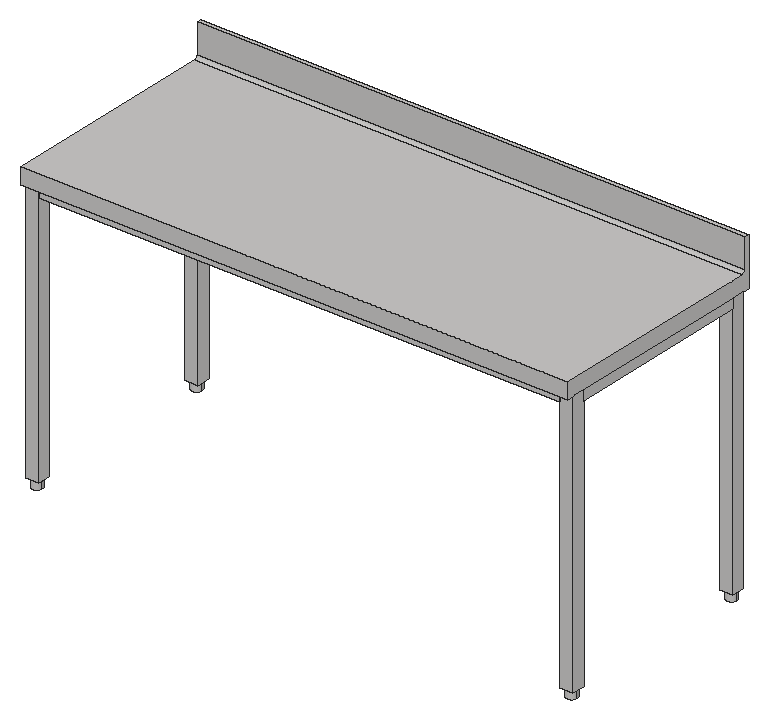
Revit family "QF_ELECTROLUXPROFESSIONAL_134018_GTG1710E", category Attrezzature speciali, Revit 2020
Family settings
  Quota connettore circolare = Usa diametro
  Tipo di parte = Normale
  Basato su piano di lavoro = No
  Sempre verticale = Sì
  Taglio con vuoti quando caricato = No
  Condiviso = No
  Punto di calcolo locali = No
Parameters (values of type "Standard")
  Weight = 49.80 kg
  Watts = 0 W
  Volts = 0 V
  URL Manufacturer = "https://www.electroluxprofessional.com/"
  URL = "https://www.electroluxprofessional.com/"
  Steam Supply Size = 0 mm
  Steam Supply Minimum Pressure = 0.0 Pa
  Steam Supply Maximum Pressure = 0.0 Pa
  Steam Consumption per Hour = 0
  Refrigeration Suction Line Size = 0.0 mm
  Refrigeration Liquid Line Size = 0.0 mm
  Refrigerant Compressor Remote = yes
  Prospetto di default = 0.0 mm
  Produttore = "Electrolux Professional"
  Phase = 0
  Modello = "GTG1710E"
  Length Actual = 1700.0 mm  # constant formula
  Item Number = "134018"
  Hot Water Size = 0 mm
  Height Actual = 1000.0 mm  # constant formula
  HP = "0 HP"
  Gas Size = 0 mm
  Gas KW = 0
  Gas Input Pressure = 0 W
  Direct Waste Size = 0 mm
  Descrizione = "WORK TABLE WITH UPSTAND 1700 MM"
  Depth Actual = 700.0 mm  # constant formula
  Cycle = 0 Hz
  Condensate Return Size = 0 mm
  Compressed Air Volume = 0.0 L/s
  Compressed Air Size = 0 mm
  Compressed Air Pressure = 0.0 Pa
  Cold Water Size = 0 mm
  Accessory = yes
Reference planes
  plane 1 "Center (Front/Back)": y = 0
  plane 2: z = 0
  plane 3 "Center (Left/Right)": x = -350
  plane 4 "LEFT": x = -1200
  plane 5 "RIGHT": x = 500
  plane 6 "BACK": y = 350
  plane 7 "FRONT": y = -350
  plane 8 "Base": z = 850
  plane 9 "TOP": z = 900
  plane 10: x = -1180
  plane 11: x = 480
  plane 12: y = 310
  plane 13: y = -310
  plane 14 "TRAVERSI": z = 820
  plane 15: x = -1160
  plane 16: x = 460
  plane 17: y = 290
  plane 18: y = -290
  plane 19: y = 330
  plane 20: y = -330
Forms (mm)
  Extrusion 1, solid, material "QF_Finishes_Stainless Steel"
    sketch origin (-350, 0, 0) x (0, 1, 0) y (0, 0, 1)
      loop
        line (-350, 850) -> (350, 850) -> (350, 1000) -> (337, 1000) -> (337, 910)
        arc (337, 910) -> (334.071, 902.929) -> (327, 900) r 10
        line (327, 900) -> (-350, 900) -> (-350, 850)
    from 850 to -850
  Extrusion 2, solid, material "QF_Finishes_Stainless Steel"
    sketch origin (0, 0, 820) x (0, 1, 0) y (-1, 0, 0)
      loop
        line (290, -460) -> (-290, -460) -> (-290, -500) -> (290, -500) -> (290, -460)
      loop
        line (290, 1200) -> (-290, 1200) -> (-290, 1160) -> (290, 1160) -> (290, 1200)
    from 0 to 30
  Extrusion 3, solid, material "QF_Finishes_Stainless Steel"
    sketch origin (0, 0, 820) x (0, 1, 0) y (-1, 0, 0)
      loop
        line (330, -460) -> (330, 1160) -> (290, 1160) -> (290, -460) -> (330, -460)
      loop
        line (-290, 1160) -> (-330, 1160) -> (-330, -460) -> (-290, -460) -> (-290, 1160)
    from 0 to 30
Lines and regions (mm)
  symbolic lines
    curve 1: line (500, 350, 900) -> (-1200, 350, 900)
    curve 2: line (-1200, 350, 900) -> (-1200, -350, 900)
    curve 3: line (-1200, -350, 900) -> (500, -350, 900)
    curve 4: line (500, -350, 900) -> (500, 350, 900)
    curve 5: line (-1200, 337, 820) -> (500, 337, 820)
Dimensions and locks
  plane 4 "LEFT" to plane 5 "RIGHT" = 1700.0 mm
  equal spacing: plane 4 "LEFT", plane 3 "Center (Left/Right)", plane 5 "RIGHT"
  plane 4 "LEFT" to plane 10 = 20.0 mm
  plane 11 to plane 5 "RIGHT" = 20.0 mm
  plane 10 to plane 11 = 1660.0 mm
  plane 6 "BACK" to plane 12 = 40.0 mm
  plane 13 to plane 7 "FRONT" = 40.0 mm
  plane 6 "BACK" to plane 7 "FRONT" = 700.0 mm
  plane 12 to plane 13 = 620.0 mm
  equal spacing: plane 6 "BACK", plane 1 "Center (Front/Back)", plane 7 "FRONT"
  plane 8 "Base" to plane 14 "TRAVERSI" = 30.0 mm
  locked: plane 10 to plane 15 at 20
  locked: plane 16 to plane 11 at 20
  locked: plane 19 to plane 12 at 20
  locked: plane 12 to plane 17 at 20
  locked: plane 18 to plane 13 at 20
  locked: plane 13 to plane 20 at 20
  locked: plane 8 "Base" to level at 850
  locked: Extrusion 1 to level at 1000
  aligned and locked: level to plane 2
  aligned and locked: plane 10 to nested 1
  aligned and locked: nested 1 to plane 13
  aligned and locked: plane 11 to nested 2
  aligned and locked: nested 2 to plane 13
  aligned and locked: plane 11 to nested 4
  aligned and locked: nested 4 to plane 12
  aligned and locked: plane 10 to nested 3
  aligned and locked: nested 3 to plane 12
  aligned and locked: Extrusion 1 to plane 4 "LEFT"
  aligned and locked: plane 5 "RIGHT" to Extrusion 1
  aligned and locked: curve 2 to plane 4 "LEFT"
  aligned and locked: Extrusion 2 sketch curve to plane 5 "RIGHT"
  aligned and locked: Extrusion 2 sketch curve to plane 17  (x2)
  aligned and locked: plane 16 to Extrusion 2 sketch curve
  aligned and locked: plane 18 to Extrusion 2 sketch curve  (x2)
  aligned and locked: plane 4 "LEFT" to Extrusion 2 sketch curve
  aligned and locked: Extrusion 2 sketch curve to plane 15
  aligned and locked: plane 19 to Extrusion 3 sketch curve
  aligned and locked: Extrusion 3 sketch curve to plane 17
  aligned and locked: Extrusion 3 sketch curve to plane 18
  aligned and locked: plane 20 to Extrusion 3 sketch curve
  aligned and locked: Extrusion 3 sketch curve to plane 15
  aligned and locked: plane 15 to Extrusion 3 sketch curve
  aligned and locked: plane 16 to Extrusion 3 sketch curve
  aligned and locked: Extrusion 3 sketch curve to plane 16
  aligned and locked: curve 5 to Extrusion 1
Automatic sketch dimensions
  curve 3 to plane 7 "FRONT" = 0.0 mm
  curve 4 to plane 6 "BACK" = 0.0 mm
  curve 4 to plane 5 "RIGHT" = 0.0 mm
  Extrusion 1 sketch curve to plane 7 "FRONT" = 0.0 mm
  Extrusion 1 sketch curve to plane 9 "TOP" = 0.0 mm
  Extrusion 1 sketch curve to plane 6 "BACK" = 0.0 mm
  Extrusion 1 sketch curve to plane 8 "Base" = 0.0 mm
  Extrusion 1 sketch curve to plane 19 = 3.0 mm
  plane 19 to Extrusion 1 sketch curve = 7.0 mm
  Extrusion 1 sketch curve to Extrusion 1 sketch curve = 90.0 mm
  curve 5 to plane 5 "RIGHT" = 0.0 mm
  curve 5 to plane 4 "LEFT" = 0.0 mm
Nested families
  nested 1: "FEET_40x40_R" at (-1180, -310, 0), type "FEET_40x40_R"
  nested 2: "FEET_40x40_R" at (480, -310, 0), type "FEET_40x40_R"
  nested 3: "FEET_40x40_R" at (-1180, 310, 0), type "FEET_40x40_R"
  nested 4: "FEET_40x40_R" at (480, 310, 0), type "FEET_40x40_R"
Definition of nested family "FEET_40x40_R"
  Parameters
    Default Elevation = 0.0 mm
    FEET = 850.0 mm
  Reference planes
    plane 1 "Center (Front/Back)": y = 0
    plane 2: z = 0
    plane 3 "Center (Left/Right)": x = 0
    plane 4: z = 850
  Forms (mm)
    Extrusion 1, solid
      sketch origin (0, 0, 0) x (1, 0, 0) y (0, 1, 0)
        loop
          line (-20, -20) -> (20, -20) -> (20, 20) -> (-20, 20) -> (-20, -20)
      from 25 to 850
    Extrusion 2, solid
      sketch origin (0, 0, 0) x (1, 0, 0) y (0, 1, 0)
        loop
          circle (0, 0) r 16
      from 0 to 25
  Lines and regions (mm)
    symbolic lines
      curve 1: line (0, -1.503, 0) -> (0, 1.508, 0)
      curve 2: line (1.561, 0, 0) -> (-1.439, 0, 0)
  Dimensions and locks
    "FEET": plane 4 to plane 2
    aligned and locked: level to plane 2
  Automatic sketch dimensions
    Extrusion 1 sketch curve to plane 3 "Center (Left/Right)" = 20.0 mm
    plane 3 "Center (Left/Right)" to Extrusion 1 sketch curve = 20.0 mm
    plane 1 "Center (Front/Back)" to Extrusion 1 sketch curve = 20.0 mm
    Extrusion 1 sketch curve to plane 1 "Center (Front/Back)" = 20.0 mm
    plane 1 "Center (Front/Back)" to Extrusion 2 sketch curve = 0.0 mm
    Extrusion 2 sketch curve to plane 3 "Center (Left/Right)" = 0.0 mm
    plane 1 "Center (Front/Back)" to curve 2 = 0.0 mm
    curve 1 to plane 3 "Center (Left/Right)" = 0.0 mm
    curve 2 to plane 3 "Center (Left/Right)" = 1.439 mm
    plane 3 "Center (Left/Right)" to curve 2 = 1.561 mm
    plane 1 "Center (Front/Back)" to curve 1 = 1.503 mm
    curve 1 to plane 1 "Center (Front/Back)" = 1.508 mm
    radius of Extrusion 2 sketch curve = 16.0 mm
